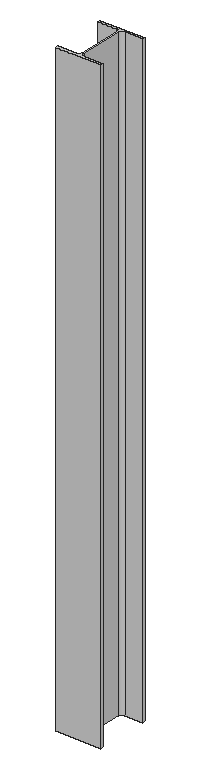
Revit family "W-Wide-Flange-Column_Isolatek", category Structural Columns, Revit 2026
Family settings
  Section Shape = Not Defined
  Material for Model Behavior = Steel
  Always export as geometry = No
  Beam cutback in plan = From bounding box
  Classification Number = 23.25.30.11.14.11
  Cut with Voids When Loaded = No
  Symbolic Representation = From Project Settings
  Shared = No
  Show family pre-cut in plan views = Yes
Parameters (values of type "W10X33")
  W = 33
  URL = "http://www.arcat.com/arcatcos/cos33/arc33383.html"
  Test Data = "http://www.cafco.com/product-information/#productdatasheet-tab"
  Structural Material [instance] = Steel ASTM A992
  Specification = "http://www.cafco.com/specification/"
  Sales Information = "sales@isolatek.com"
  Revision = "R#_02-2018"
  Product Data = "http://www.cafco.com/product-information/#productdatasheet-tab"
  OmniClass Title = "Fireproofing"
  OmniClass Number = "23-13.25.11"
  Model = "Wide Flange Steel Column with Fireproofing as Specified"
  Manufacturer Website = "www.cafco.com"
  Manufacturer Phone - Toll Free = "800.631.9604"
  Manufacturer Phone = "973.347.1200"
  Manufacturer Fax = "973.347.9170"
  Manufacturer Address = "41 Furnace St. Stanhope, NJ 07874-2624"
  Manufacturer = ""
  Keynote = "07 81 23 "
  Installation-Fabrication = "http://www.cafco.com/product-information/#application-tab"
  Green Building-LEED = ""
  Fireproofing Material = none
  Construction Details = ""
  Building Codes = "http://www.cafco.com/code-compliance/"
  Assembly Code = "D40"
  bf = 0' - 7 123/128"
  d = 0' - 9 187/256"
  k = 0' - 1 1/8"
  kr = k - tf  # 0' - 0 177/256"
  tf = 0' - 0 111/256"
  tw = 0' - 0 37/128"
  A = 10.08 in²
Reference planes (in)
  plane 1: y = 0
  plane 2: z = 0
  plane 3: x = 0
  plane 4: x = -3.98047
  plane 5: x = 3.98047
  plane 6: y = 4.86523
  plane 7: y = -4.86523
  plane 8: x = -0.15625
  plane 9: x = 0.15625
Forms (in)
  Extrusion 1, solid, material "Steel ASTM A992" <- "Structural Material", detail levels medium
    sketch origin (0, 0, 0) x (1, 0, 0) y (0, 1, 0)
      loop
        line (-3.98047, 4.86523) -> (-3.98047, 4.43164) -> (-0.14453, 4.43164) -> (-0.14453, -4.43164) -> (-3.98047, -4.43164) -> (-3.98047, -4.86523) -> (3.98047, -4.86523) -> (3.98047, -4.43164) -> (0.14453, -4.43164) -> (0.14453, 4.43164) -> (3.98047, 4.43164) -> (3.98047, 4.86523) -> (-3.98047, 4.86523)
    from 0 to 108
  Extrusion 2, solid, material "Steel ASTM A992" <- "Structural Material", detail levels fine
    sketch origin (0, 0, 0) x (1, 0, 0) y (0, 1, 0)
      loop
        line (-3.98047, 4.86523) -> (-3.98047, 4.43164) -> (-0.83594, 4.43164)
        arc (-0.83594, 4.43164) -> (-0.34704, 4.22913) -> (-0.14453, 3.74023) r 0.69141
        line (-0.14453, 3.74023) -> (-0.14453, -3.74023)
        arc (-0.14453, -3.74023) -> (-0.34704, -4.22913) -> (-0.83594, -4.43164) r 0.69141
        line (-0.83594, -4.43164) -> (-3.98047, -4.43164) -> (-3.98047, -4.86523) -> (3.98047, -4.86523) -> (3.98047, -4.43164) -> (0.83594, -4.43164)
        arc (0.83594, -4.43164) -> (0.34704, -4.22913) -> (0.14453, -3.74023) r 0.69141
        line (0.14453, -3.74023) -> (0.14453, 3.74023)
        arc (0.14453, 3.74023) -> (0.34704, 4.22913) -> (0.83594, 4.43164) r 0.69141
        line (0.83594, 4.43164) -> (3.98047, 4.43164) -> (3.98047, 4.86523) -> (-3.98047, 4.86523)
    from 0 to 108
Lines and regions (in)
  symbolic lines, style "StructuralColumnStickSymbols", detail levels coarse
    curve 1: line (-3.98047, 4.86523, 0) -> (3.98047, 4.86523, 0)
    curve 2: line (-3.98047, -4.86523, 0) -> (3.98047, -4.86523, 0)
    curve 3: line (0, 4.86523, 0) -> (0, -4.86523, 0)
  symbolic lines, style "Hidden Faces", detail levels medium+fine
    curve 4: line (-0.15625, 0, 0) -> (-0.15625, 0, 108)
    curve 5: line (0.15625, 0, 108) -> (0.15625, 0, 0)
Dimensions and locks (in)
  equal spacing: plane 4, plane 3, plane 5
  equal spacing: plane 7, plane 1, plane 6
  "d": plane 7 to plane 6
  "bf": plane 4 to plane 5
  "tf": plane 7 to Extrusion 1 sketch curve
  "tf": Extrusion 1 sketch curve to plane 6
  equal spacing: Extrusion 1 sketch curve, plane 3, Extrusion 1 sketch curve
  "tw": Extrusion 1 sketch curve to Extrusion 1 sketch curve
  "kr": radius of Extrusion 2 sketch curve  (x4)
  aligned and locked: plane 6 to Extrusion 1 sketch curve
  aligned and locked: Extrusion 1 sketch curve to plane 7
  aligned and locked: Extrusion 1 sketch curve to plane 4  (x2)
  aligned and locked: plane 5 to Extrusion 1 sketch curve  (x2)
  aligned and locked: Extrusion 1 sketch curve to Extrusion 1 sketch curve  (x2)
  aligned and locked: level to Extrusion 1
  aligned and locked: level to plane 2
  aligned and locked: Extrusion 1 to plane 2
  aligned and locked: plane 6 to Extrusion 2 sketch curve
  aligned and locked: plane 5 to Extrusion 2 sketch curve  (x2)
  aligned and locked: Extrusion 2 sketch curve to plane 4  (x2)
  aligned and locked: Extrusion 2 sketch curve to Extrusion 1  (x6)
  aligned and locked: Extrusion 2 sketch curve to plane 7
  aligned and locked: level to Extrusion 2
  aligned and locked: Extrusion 2 to level
Automatic sketch dimensions
  curve 2 to plane 4 = 0' - 0"
  curve 1 to plane 4 = 0' - 0"
  curve 3 to plane 3 = 0' - 0"
  curve 2 to plane 5 = 0' - 0"
  curve 1 to plane 5 = 0' - 0"
  curve 3 to plane 7 = 0' - 0"
  curve 3 to plane 6 = 0' - 0"
  curve 4 to level = 0' - 0"  (x2)
  curve 4 to plane 8 = 0' - 0"
  curve 5 to level = 0' - 0"  (x2)
  curve 5 to plane 9 = 0' - 0"
